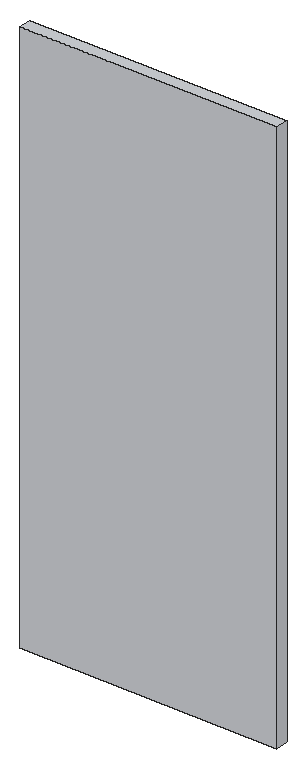
Revit family "Door", category Doors, host Wall, Revit 2025
Family settings
  Host = Wall
  OmniClass Number = 23.30.10.00
  OmniClass Title = Doors
  Always vertical = Yes
  Cut with Voids When Loaded = No
  Shared = No
  Room Calculation Point = No
Parameters (values of type "9")
  With Frame = no
  Thickness = 0' - 1 3/4"
  Swing Length = Door Width - 0' 2"  # 2' - 10"
  S_Door A = 75.00°
  Door Thickness = 0' - 1 3/4"
  S_Door Margin = 0' - 3 3/4"
  S_Door Inner Thickness = 0' - 3"
  S_Door G = 0' - 1.22013"
  Function = Interior
  Freezer = yes
  Frame Width Upper = 0' - 5"
  Frame Thickness = 0' - 4 1/2"
  Frame Width = 0' - 1"
  Height = Door Height + Frame Width Upper  # 6' - 11"
  Wall Closure = By host
  Width = Door Width + (2 * Frame Width)  # 3' - 2"
  S_Frame Head = 0' - 1"
  S_Frame Vert 1 = 0' - 1"
  S_Frame Vert 2 = 0' - 0.01"
  S_Frame Hori 2 = 0' - 5.01"
  S_Frame Hori 1 = 0' - 3 3/4"
  S_Door Swing Length = Door Width  # 3' - 0"
  Door Width = 3' - 0"
  Door Height = 6' - 6"
  Define Thermal Properties by = Schematic Type
  Analytic Construction = "<None>"
Types (3): name | With Frame | Swing Length | S_Door A | S_Door Margin | Freezer | Frame Width Upper | Frame Thickness | Frame Width | Height | Width | S_Frame Head | S_Frame Vert 2 | S_Frame Hori 2 | S_Frame Hori 1 | S_Door Swing Length | Door Width | Door Height
  3A | yes | 3' - 10" | 81.0937° | 0' - 2" | no | 0' - 4" | 0' - 6" | 0' - 2" | 7' - 4" | 4' - 4" | 0' - 3" | 0' - 1" | 0' - 2" | 0' - 2" | 4' - 0" | 4' - 0" | 7' - 0"
  9 | no | 2' - 10" | 75.00° | 0' - 3 3/4" | yes | 0' - 5" | 0' - 4 1/2" | 0' - 1" | 6' - 11" | 3' - 2" | 0' - 1" | 0' - 0.01" | 0' - 5.01" | 0' - 3 3/4" | 3' - 0" | 3' - 0" | 6' - 6"
  15 | yes | 2' - 10" | 81.0937° | 0' - 2" | no | 0' - 4" | 0' - 6" | 0' - 2" | 7' - 4" | 3' - 4" | 0' - 3" | 0' - 1" | 0' - 2" | 0' - 2" | 3' - 0" | 3' - 0" | 7' - 0"
Reference planes (in)
  plane 1 "Center (Front/Back)": y = 0
  plane 2 "Center (Left/Right)": x = 0
  plane 3 "Left": x = -19
  plane 4 "Right": x = 19
  plane 5 "Top": z = 83
  plane 6 "Exterior": y = 7
  plane 7 "Interior": y = -7
  plane 8: y = 0
  plane 9: y = -2.25
  plane 10: y = 2.25
  plane 11: y = 3.47013
  plane 12: y = 47
  plane 13: x = 18
Forms (in)
  Extrusion 1, solid, detail levels fine
    sketch origin (0, 0, 0) x (1, 0, 0) y (0, 1, 0)
      loop
        line (-18, 0.875) -> (-18, -0.875) -> (18, -0.875) -> (18, 0.875) -> (-18, 0.875)
    from 0 to 78
  Extrusion 2, solid, visible <- "With Frame", detail levels fine
    sketch origin (0, 0, 0) x (1, 0, 0) y (0, 0, 1)
      loop
        line (-19, 0) -> (-18, 0) -> (-18, 78) -> (18, 78) -> (18, 0) -> (19, 0) -> (19, 83) -> (-19, 83) -> (-19, 0)
    from -2.25 to 2.25
Lines and regions (in)
  Opening 1
    outline origin (-90, -7, 0) x (1, 0, 0) y (0, 0, 1)
      loop
        line (71, 0) -> (109, 0) -> (109, 83) -> (71, 83) -> (71, 0)
  symbolic lines
    curve 1: line (-15.25, 2.25, 0) -> (-15.25, 38.25, 0)
    curve 2: line (-15.25, 38.25, 0) -> (-18.75, 38.25, 0)
    curve 3: line (-13.5, 38.25, 0) -> (-13.5, 2.25, 0)
    curve 15: line (-19, 2.25, 0) -> (-15.25, 2.25, 0)
    curve 16: line (-15.25, 2.25, 0) -> (-15.25, 1.25, 0)
    curve 17: line (-15.25, 1.25, 0) -> (-18, 1.25, 0)
    curve 18: line (-18, 1.25, 0) -> (-18, -2.24, 0)
    curve 19: line (-18, -2.24, 0) -> (-13.99, -2.24, 0)
    curve 20: line (-13.99, -2.24, 0) -> (-13.99, -2.25, 0)
    curve 21: line (-13.99, -2.25, 0) -> (-19, -2.25, 0)
    curve 22: line (-15.25, 2.25, 0) -> (-13.5, 2.25, 0)
    curve 23: line (19, 2.25, 0) -> (18, 2.25, 0)
    curve 24: line (15.25, 4.25, 0) -> (15.25, 1.25, 0)
    curve 25: line (15.25, 1.25, 0) -> (18, 1.25, 0)
    curve 26: line (18, 1.25, 0) -> (18, -2.24, 0)
    curve 27: line (18, -2.24, 0) -> (13.99, -2.24, 0)
    curve 28: line (13.99, -2.24, 0) -> (13.99, -2.25, 0)
    curve 29: line (13.99, -2.25, 0) -> (19, -2.25, 0)
    curve 30: line (-13.5, 2.25, 0) -> (18, 2.25, 0)
    curve 31: line (13.99, -2.25, 0) -> (-13.99, -2.25, 0)
    curve 32: arc (-18.75, 38.25, 0) -> (5.29163, 28.29163, 0) -> (15.25, 4.25, 0) r 34
  symbolic lines, not visible
    curve 4: line (23, 1, 0) -> (23, -1, 0)
    curve 5: line (23, -1, 0) -> (24, -1, 0)
    curve 6: line (24, -1, 0) -> (24, -3, 0)
    curve 7: line (24, -3, 0) -> (26, -3, 0)
    curve 8: line (26, -3, 0) -> (26, 3, 0)
    curve 9: line (26, 3, 0) -> (24, 3, 0)
    curve 10: line (24, 3, 0) -> (24, 1, 0)
    curve 11: line (24, 1, 0) -> (23, 1, 0)
  symbolic lines, visible <- "Freezer"
    curve 12: line (-10.5, 36.22602, 0) -> (-10.5, 4.27398, 0)
    curve 13: line (-10.5, 36.22602, 0) -> (-13.5, 37.02987, 0)
    curve 14: line (-10.5, 4.27398, 0) -> (-13.5, 3.47013, 0)
Text (in)
  text "Exterior" at (-71.22539, 20.51343, 0), in view "Ref. Level"
  text "Interior" at (-71.22539, -15.26908, 0), in view "Ref. Level"
  text "Exterior" at (0, 40.15149, 123.01588), in view "Right"
  text "Interior" at (0, -64.39139, 123.01588), in view "Right"
  text "Interior" at (0, -31.01599, 123.00693), in view "Left"
  text "Exterior" at (0, 54.57065, 123.00693), in view "Left"
Dimensions and locks (in)
  equal spacing: Extrusion 1 sketch curve, host wall, Extrusion 1 sketch curve
  "Thickness": Extrusion 1 sketch curve to Extrusion 1 sketch curve
  equal spacing: plane 3 "Left", plane 2 "Center (Left/Right)", plane 4 "Right"
  "Width": plane 3 "Left" to plane 4 "Right"
  "Frame Width": Extrusion 2 sketch curve to Extrusion 2 sketch curve  (x2)
  "Frame Width Upper": plane 5 "Top" to Extrusion 2 sketch curve
  equal spacing: plane 10, plane 8, plane 9
  "Frame Thickness": plane 9 to plane 10
  "Height": plane 5 "Top" to level
  "S_Door Inner Thickness": curve 3 to curve 12
  "Door Thickness": curve 1 to curve 3
  "S_Door Margin": plane 3 "Left" to curve 1
  "S_Frame Hori 1": plane 3 "Left" to curve 16
  "S_Frame Hori 2": plane 3 "Left" to curve 20
  "S_Frame Vert 1": curve 17 to plane 10
  "S_Frame Vert 2": curve 19 to plane 9
  "S_Frame Head": plane 3 "Left" to curve 18
  "S_Frame Hori 1": curve 24 to plane 4 "Right"
  "S_Frame Hori 2": curve 28 to plane 4 "Right"
  "S_Frame Vert 2": curve 27 to plane 9
  "S_Frame Vert 1": plane 10 to curve 25
  "S_Frame Head": curve 26 to plane 4 "Right"
  "S_Door Swing Length": plane 10 to curve 2
  "S_Door G": plane 11 to plane 10
  "S_Door G": curve 13 to curve 2
  Extrusion 2 to level = 6' - 6"
  plane 3 "Left" to plane 4 "Right" = 3' - 2"
  Extrusion 2 to Extrusion 2 = 3' - 0"
  "Swing Length": radius of curve 32
  "S_Door A": angle curve 3 to curve 13
  "S_Door A": angle curve 14 to curve 3
  aligned and locked: plane 3 "Left" to Opening 1 sketch curve
  aligned and locked: plane 5 "Top" to Opening 1 sketch curve  (x2)
  aligned and locked: Opening 1 sketch curve to plane 4 "Right"
  aligned and locked: Opening 1 sketch curve to level
  aligned and locked: plane 6 "Exterior" to host wall
  aligned and locked: plane 7 "Interior" to host wall
  aligned and locked: plane 3 "Left" to Extrusion 2 sketch curve
  aligned and locked: Extrusion 2 sketch curve to plane 4 "Right"
  aligned and locked: Extrusion 2 sketch curve to plane 5 "Top"
  aligned and locked: Extrusion 2 to plane 10
  aligned and locked: Extrusion 2 to plane 9
  aligned and locked: Extrusion 2 to Extrusion 1 sketch curve  (x2)
  aligned and locked: Extrusion 1 to Extrusion 2
  aligned and locked: plane 3 "Left" to curve 15
  aligned and locked: plane 3 "Left" to curve 21
  aligned and locked: plane 9 to curve 21
  aligned and locked: plane 10 to curve 15
  aligned and locked: plane 10 to curve 22
  aligned and locked: plane 4 "Right" to curve 23
  aligned and locked: plane 4 "Right" to curve 29
  aligned and locked: curve 23 to plane 10
  aligned and locked: plane 10 to curve 30
  aligned and locked: plane 9 to curve 31
  aligned and locked: curve 28 to curve 31
  aligned and locked: curve 20 to curve 31
  aligned and locked: plane 11 to curve 14
Automatic sketch dimensions
  Extrusion 2 sketch curve to level = 0' - 0"  (x2)
  curve 30 to plane 13 = 0' - 0"
